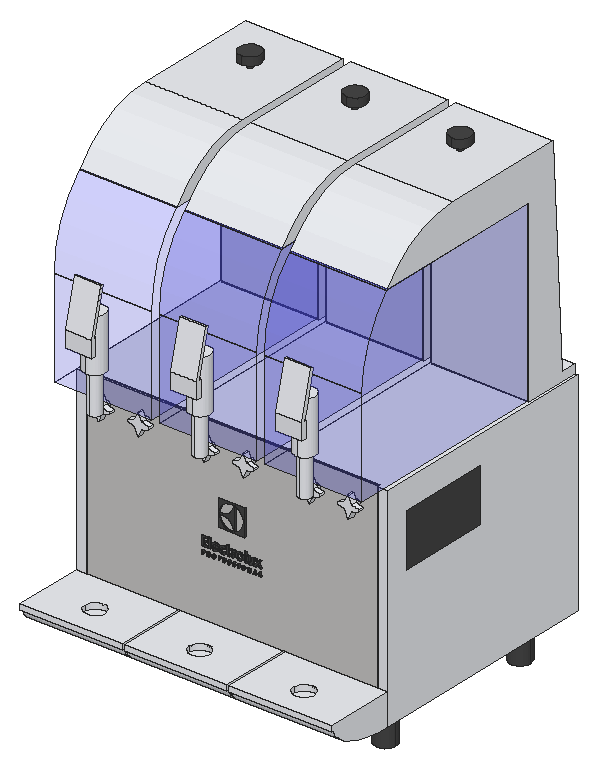
Revit family "QF_ELECTROLUXPROFESSIONAL_562513_IPRO3ELR290", category Attrezzature speciali, Revit 2020
Family settings
  Quota connettore circolare = Usa diametro
  Tipo di parte = Normale
  Basato su piano di lavoro = No
  Sempre verticale = Sì
  Taglio con vuoti quando caricato = No
  Condiviso = No
  Punto di calcolo locali = No
Parameters (values of type "Standard")
  Weight = 81.00 kg
  Watts = 1290 W
  Volts = 220 V
  URL Manufacturer = "https://www.electroluxprofessional.com/"
  URL = "https://www.electroluxprofessional.com/"
  Steam Supply Size = 0 mm
  Steam Supply Minimum Pressure = 0.0 Pa
  Steam Supply Maximum Pressure = 0.0 Pa
  Steam Consumption per Hour = 0
  Show Logo [instance] = yes
  Show Clearance [instance] = yes
  Refrigeration Suction Line Size = 0 mm
  Refrigeration Liquid Line Size = 0 mm
  Refrigerant Compressor Remote = yes
  Prospetto di default = 0 mm
  Produttore = "Electrolux Professional"
  Phase = 1
  Modello = "IPRO3ELR290"
  Length Actual = 600 mm  # constant formula
  Item Number = "562513"
  Hot Water Size = 0 mm
  Height Actual = 870 mm  # constant formula
  HP = "1.7 HP"
  Gas Size = 0 mm
  Gas KW = 0
  Gas Input Pressure = 0 W
  Direct Waste Size = 0 mm
  Descrizione = "3X11 LT BOWL - FROZEN GRANITA DISPENSER - ELECTRONIC CONTROL - 3 INSULATED BOWLS & LIGHTED PANEL - WHITE, R290"
  Depth Actual = 580 mm  # constant formula
  Cycle = 50 Hz
  Condensate Return Size = 0 mm
  Compressed Air Volume = 0.0 L/s
  Compressed Air Size = 0 mm
  Compressed Air Pressure = 0.0 Pa
  Cold Water Size = 0 mm
  Accessory = yes
Reference planes
  plane 1: z = 0
  plane 2 "LEFT": x = -300
  plane 3 "BACK": y = 282.5
  plane 4 "FRONT": y = -301.5
  plane 5: z = 873
  plane 6 "RIGHT": x = 300
  plane 7: y = -282.5
  plane 8: z = 445
  plane 9: z = 677.97
  plane 10: z = 110
  plane 11: z = 900
  plane 12: x = -0.5
  plane 13: x = -0.5
Forms (mm)
  Extrusion 1, solid, material "QF_Finishes_White"
    sketch origin (0, 0, 0) x (1, 0, 0) y (0, 1, 0)
      loop
        line (-296.5, 282.5) -> (-296.5, -167.5) -> (-276.5, -167.5) -> (-276.5, -162.5) -> (276.5, -162.5) -> (276.5, -167.5) -> (296.5, -167.5) -> (296.5, 282.5) -> (-296.5, 282.5)
    from 50 to 453
  Extrusion 2, solid, material "QF_Finishes_Stainless Steel"
    sketch origin (0, 0, 0) x (1, 0, 0) y (0, 1, 0)
      loop
        line (276, -163) -> (-276, -163) -> (-276, -167.5) -> (276, -167.5) -> (276, -163)
    from 110 to 453
  Extrusion 3, solid, material "QF_Finishes_Stainless Steel"
    sketch origin (-151.596, -267.273, 48) x (0, -1, 0) y (1, 0, 0)
      loop
        line (-163.023, 407.596) -> (-163.023, 427.596) -> (-183.023, 427.596) -> (-183.023, 407.596) -> (-163.023, 407.596)
    from 0 to 2
Dimensions and locks
  plane 3 "BACK" to plane 4 "FRONT" = 584 mm  (x2)
  plane 5 to level = 873 mm  (x2)
  plane 2 "LEFT" to plane 6 "RIGHT" = 600 mm
  plane 3 "BACK" to plane 7 = 565 mm
  plane 9 to plane 8 = 232.97 mm
  level to plane 11 = 900 mm
  plane 10 to level = 110 mm
  plane 8 to plane 10 = 335 mm
  plane 6 "RIGHT" to plane 2 "LEFT" = 600 mm
  plane 2 "LEFT" to plane 12 = 299.5 mm
  plane 2 "LEFT" to plane 13 = 299.5 mm
  nested 5 to nested 9 = 200 mm
  nested 9 to nested 17 = 200 mm
  aligned and locked: level to plane 1
Nested families
  nested 1: "BOCCHETTONE BEVERAGE" at (-200.5, -260.625, 445), type "BOCCHETTONE BEVERAGE"
  nested 2: "MANOPOLA BEVERAGE" at (-238, -167.5, 413) x (0, 0, 1) z (0, -1, 0), type "MANOPOLA BEVERAGE"
  nested 3: "MANOPOLA BEVERAGE" at (-163, -167.5, 413) x (0, 0, 1) z (0, -1, 0), type "MANOPOLA BEVERAGE"
  nested 4: "MANOPOLA APERTURA BEVERAGE " at (-200.5, 125, 873) x (0, 1, 0) z (0, 0, 1), type "MANOPOLA APERTURA BEVERAGE "
  nested 5: "PORTAGRANITE BEVERAGE" at (-200.5, 28.972, 453), type "PORTAGRANITE BEVERAGE"
  nested 6: "VASCHETTA BEVERAGE" at (-199.25, -167.5, 80) x (1, 0, 0) z (0, -1, 0), type "VASCHETTA BEVERAGE"
  nested 7: "VASCHETTA BEVERAGE" at (-0.5, -167.5, 80) x (-1, 0, 0) z (0, -1, 0), type "VASCHETTA BEVERAGE"
  nested 8: "MANOPOLA APERTURA BEVERAGE " at (-0.5, 125, 873) x (0, 1, 0) z (0, 0, 1), type "MANOPOLA APERTURA BEVERAGE "
  nested 9: "PORTAGRANITE BEVERAGE" at (-0.5, 28.972, 453) x (-1, 0, 0) z (0, 0, 1), type "PORTAGRANITE BEVERAGE"
  nested 10: "BOCCHETTONE BEVERAGE" at (-0.5, -260.625, 445), type "BOCCHETTONE BEVERAGE"
  nested 11: "MANOPOLA BEVERAGE" at (-38, -167.5, 413) x (0, 0, 1) z (0, -1, 0), type "MANOPOLA BEVERAGE"
  nested 12: "MANOPOLA BEVERAGE" at (37, -167.5, 413) x (0, 0, 1) z (0, -1, 0), type "MANOPOLA BEVERAGE"
  nested 13: "BOCCHETTONE BEVERAGE" at (199.5, -260.625, 445) x (-1, 0, 0) z (0, 0, 1), type "BOCCHETTONE BEVERAGE"
  nested 14: "MANOPOLA BEVERAGE" at (237, -167.5, 413) x (0, 0, 1) z (0, -1, 0), type "MANOPOLA BEVERAGE"
  nested 15: "MANOPOLA BEVERAGE" at (162, -167.5, 413) x (0, 0, 1) z (0, -1, 0), type "MANOPOLA BEVERAGE"
  nested 16: "MANOPOLA APERTURA BEVERAGE " at (199.5, 125, 873) x (0, 1, 0) z (0, 0, 1), type "MANOPOLA APERTURA BEVERAGE "
  nested 17: "PORTAGRANITE BEVERAGE" at (199.5, 28.972, 453) x (-1, 0, 0) z (0, 0, 1), type "PORTAGRANITE BEVERAGE"
  nested 18: "VASCHETTA BEVERAGE" at (198.25, -167.5, 80) x (-1, 0, 0) z (0, -1, 0), type "VASCHETTA BEVERAGE"
  nested 19: "ELXP_LOGO_ONLY_MEDIUM" at (-0.5, -167.5, 303) x (1, 0, 0) z (0, -1, 0), Show Logo <- "Show Logo", visible <- "Show Logo", type "ELXP_LOGO_ONLY_MEDIUM"
    with Show Logo yes
  nested 20: "ELX_LOGO_WORDS_MEDIUM" at (-0.5, -167.5, 238) x (1, 0, 0) z (0, -1, 0), visible <- "Show Logo", Show Logo <- "Show Logo", type "ELX_LOGO_WORDS_MEDIUM"
    with Show Logo yes
  nested 21: "Piedino 50x40 BEVERAGE" at (-266, 184.5, 0), type "Piedino 50x40 BEVERAGE"
    with H 150 mm
  nested 22: "Piedino 50x40 BEVERAGE" at (-266, -135.5, 0), type "Piedino 50x40 BEVERAGE"
    with H 150 mm
  nested 23: "Piedino 50x40 BEVERAGE" at (266, 184.5, 0), type "Piedino 50x40 BEVERAGE"
    with H 150 mm
  nested 24: "Piedino 50x40 BEVERAGE" at (266, -135.5, 0), type "Piedino 50x40 BEVERAGE"
    with H 150 mm
  nested 25: "SCHERMO BEVERAGE" at (296.5, -38, 350) x (0, -1, 0) z (1, 0, 0), type "SCHERMO BEVERAGE"
    with Show Logo yes
Connectors
  electrical at (266, -94.25, 48), driven by "Volts"
    settings: on Extrusion 3, index 73, voltage 220 V, apparent load 0 VA, apparent load phase1 0 VA, apparent load phase2 0 VA, apparent load phase3 0 VA, power factor 1, load classification "Altro", number of poles 1, system type 30, power factor state 1, is connector primary yes, connector utility no, sub classification motor no, connector description "Electrical Connection"
Definition of nested family "BOCCHETTONE BEVERAGE"
  Parameters (values of type "BOCCHETTONE BEVERAGE")
    Default Elevation = 1219.2 mm
  Reference planes
    plane 1 "Centro (Fronte/Retro)": y = 0
    plane 2: z = 0
    plane 3 "Centro (Sinistra/Destra)": x = 0
    plane 4: z = 233
    plane 5: y = -22
  Forms (mm)
    Extrusion 1, solid
      sketch origin (0, 0, 0) x (1, 0, 0) y (0, 1, 0)
        loop
          line (-1219.2, 1219.2) -> (-1219.2, -1219.2) -> (1219.2, -1219.2) -> (1219.2, 1219.2) -> (-1219.2, 1219.2)
      from 0 to -304.8
    Extrusion 2, solid
      sketch origin (0, 15.961, 0) x (0, -1, 0) y (1, 0, 0)
        loop
          circle (0, 0) r 12
      from 0 to 75
    Extrusion 3, solid
      sketch origin (0, 15.961, 75) x (0, -1, 0) y (1, 0, 0)
        loop
          circle (0, 0) r 20
      from 0 to 100
    Extrusion 4, void
      sketch origin (0, 0, 0) x (1, 0, 0) y (0, 1, 0)
        loop
          line (-27.179, -16.141) -> (-21.226, -10.188) -> (-6.226, -10.188) -> (-6.226, 12.684) -> (-27.179, 12.684) -> (-27.179, -16.141)
        loop
          line (27.179, -16.141) -> (27.179, 12.684) -> (6.226, 12.684) -> (6.226, -10.188) -> (21.226, -10.188) -> (27.179, -16.141)
      from 104.337 to 159.894
    Extrusion 5, solid
      sketch origin (25, 15.961, 29.221) x (0, -1, 0) y (0, 0, 1)
        loop
          line (11.922, 118.779) -> (11.922, 88.779) -> (37.961, 88.779) -> (37.961, 119.393) -> (16.929, 203.749) -> (12.077, 202.539) -> (32.961, 118.779) -> (11.922, 118.779)
      from 0 to 50
  Cuts and joins
    Extrusion 4 cuts Extrusion 5
    joined: Extrusion 3, Extrusion 5
  Dimensions and locks
    Extrusion 1 to plane 4 = 233 mm
    aligned and locked: plane 2 to Extrusion 1
    aligned and locked: level to Extrusion 1
Definition of nested family "MANOPOLA BEVERAGE"
  Parameters (values of type "MANOPOLA BEVERAGE")
    Default Elevation = 1219.2 mm
  Reference planes
    plane 1 "Centro (Fronte/Retro)": y = 0
    plane 2: z = 0
    plane 3 "Centro (Sinistra/Destra)": x = 0
    plane 4: z = 20
  Forms (mm)
    Extrusion 1, solid
      sketch origin (0, 0, 0) x (1, 0, 0) y (0, 1, 0)
        loop
          line (-1219.2, 1219.2) -> (-1219.2, -1219.2) -> (1219.2, -1219.2) -> (1219.2, 1219.2) -> (-1219.2, 1219.2)
      from 0 to -304.8
    Extrusion 2, solid
      sketch origin (0, 0, 10) x (1, 0, 0) y (0, 1, 0)
        loop
          line (-20, -1.333) -> (-6.314, -6.314) -> (-1.333, -20) -> (1.333, -20) -> (6.314, -6.314) -> (20, -1.333) -> (20, 1.333) -> (6.314, 6.314) -> (1.333, 20) -> (-1.333, 20) -> (-6.314, 6.314) -> (-20, 1.333) -> (-20, -1.333)
      from 0 to 10
    Extrusion 3, solid
      sketch origin (0, 0, 0) x (1, 0, 0) y (0, 1, 0)
        loop
          circle (0, 0) r 5
      from 0 to 10
  Dimensions and locks
    aligned and locked: plane 2 to Extrusion 1
    aligned and locked: level to Extrusion 1
Definition of nested family "MANOPOLA APERTURA BEVERAGE "
  Parameters (values of type "MANOPOLA APERTURA BEVERAGE ")
    Default Elevation = 1219.2 mm
  Reference planes
    plane 1 "Centro (Fronte/Retro)": y = 0
    plane 2: z = 0
    plane 3 "Centro (Sinistra/Destra)": x = 0
    plane 4: z = 27
  Forms (mm)
    Extrusion 1, solid
      sketch origin (0, 0, 0) x (1, 0, 0) y (0, 1, 0)
        loop
          line (-1219.2, 1219.2) -> (-1219.2, -1219.2) -> (1219.2, -1219.2) -> (1219.2, 1219.2) -> (-1219.2, 1219.2)
      from 0 to -304.8
    Extrusion 2, solid
      sketch origin (0, 0, 0) x (1, 0, 0) y (0, 1, 0)
        loop
          circle (0, 0) r 5
      from 0 to 12
    Extrusion 3, solid
      sketch origin (0, 0, 12) x (1, 0, 0) y (0, 1, 0)
        loop
          circle (0, 0) r 20
      from 0 to 15
  Dimensions and locks
    Extrusion 1 to plane 4 = 27 mm
    aligned and locked: plane 2 to Extrusion 1
    aligned and locked: level to Extrusion 1
Definition of nested family "PORTAGRANITE BEVERAGE"
  Parameters (values of type "PORTAGRANITE BEVERAGE")
    Default Elevation = 1219.2 mm
  Reference planes
    plane 1 "Centro (Fronte/Retro)": y = 0
    plane 2: z = 0
    plane 3 "Centro (Sinistra/Destra)": x = 0
    plane 4: z = 233
    plane 5: y = -36.472
    plane 6: z = 338
  Forms (mm)
    Extrusion 1, solid
      sketch origin (0, 0, 0) x (1, 0, 0) y (0, 1, 0)
        loop
          line (-1219.2, 1219.2) -> (-1219.2, -1219.2) -> (1219.2, -1219.2) -> (1219.2, 1219.2) -> (-1219.2, 1219.2)
      from 0 to -304.8
    Extrusion 2, solid
      sketch origin (-92.5, -28.972, -376) x (0, 1, 0) y (0, 0, 1)
        loop
          line (172.5, 716) -> (172.5, 376) -> (282.5, 376) -> (282.5, 393) -> (251.241, 393) -> (230.12, 796) -> (-7.5, 796)
          arc (-7.5, 796) -> (-94.678, 774.819) -> (-162.419, 716) r 190
          line (-162.419, 716) -> (172.5, 716)
      from 0 to 185
    Extrusion 3, solid
      sketch origin (-100, -28.972, -376) x (0, 1, 0) y (0, 0, 1)
        loop
          line (170.5, 378) -> (170.5, 714) -> (-164.355, 714)
          arc (-164.355, 714) -> (-209.023, 644.734) -> (-224.664, 563.812) r 217.164
          line (-224.664, 563.812) -> (-224.664, 378) -> (170.5, 378)
      from 7.5 to 192.5
  Dimensions and locks
    Extrusion 1 to plane 4 = 233 mm
    aligned and locked: plane 2 to Extrusion 1
    aligned and locked: level to Extrusion 1
Definition of nested family "VASCHETTA BEVERAGE"
  Parameters (values of type "VASCHETTA BEVERAGE")
    Default Elevation = 1219.2 mm
  Reference planes
    plane 1 "Centro (Fronte/Retro)": y = 0
    plane 2: z = 0
    plane 3 "Centro (Sinistra/Destra)": x = 0
  Forms (mm)
    Extrusion 1, solid
      sketch origin (0, 0, 0) x (1, 0, 0) y (0, 1, 0)
        loop
          line (-1219.2, 1219.2) -> (-1219.2, -1219.2) -> (1219.2, -1219.2) -> (1219.2, 1219.2) -> (-1219.2, 1219.2)
      from 0 to -304.8
    Extrusion 2, solid
      sketch origin (-97.5, -80, -167.5) x (0, 0, -1) y (0, 1, 0)
        loop
          line (-167.5, 110) -> (-301.5, 110) -> (-301.5, 100) -> (-296.403, 100)
          spline (-296.403, 100) -> (-294.717, 93.399) -> (-290.961, 86.937) -> (-285.195, 80.722) -> (-277.513, 74.853) -> (-268.041, 69.426) -> (-256.932, 64.529) -> (-244.367, 60.243) -> (-230.551, 56.637) -> (-215.709, 53.769) -> (-200.082, 51.686) -> (-183.925, 50.423) -> (-167.5, 50)
          line (-167.5, 50) -> (-167.5, 110)
      from 0 to 195
    Extrusion 3, void
      sketch origin (202.5, -80, -167.5) x (1, 0, 0) y (0, 0, -1)
        loop
          circle (-202.5, -244.664) r 20
      from 100 to 110
  Cuts and joins
    Extrusion 3 cuts Extrusion 2
  Dimensions and locks
    aligned and locked: plane 2 to Extrusion 1
    aligned and locked: level to Extrusion 1
Definition of nested family "ELXP_LOGO_ONLY_MEDIUM"
  Parameters (values of type "ELXP_LOGO_ONLY_MEDIUM")
    Show Logo [instance] = yes
    Default Elevation = 0 mm
  Reference planes
    plane 1 "Centro (Fronte/Retro)": y = 0
    plane 2: z = 0
    plane 3 "Centro (Sinistra/Destra)": x = 0
  Forms (mm)
    Extrusion 1, solid
      sketch origin (0, 0, 0) x (1, 0, 0) y (0, 1, 0)
        loop
          line (-1219.2, 1219.2) -> (-1219.2, -1219.2) -> (1219.2, -1219.2) -> (1219.2, 1219.2) -> (-1219.2, 1219.2)
      from 0 to -304.8
    Extrusion 2, solid, visible <- "Show Logo"
      sketch origin (15.862, -72.798, 0) x (1, 0, 0) y (0, 1, 0)
        loop
          line (-40.901, 47.952) -> (9.138, 47.952) -> (9.138, 97.923) -> (-40.901, 97.923) -> (-40.901, 47.952)
        loop
          line (-9.2, 95.47) -> (-9.2, 50.507)
          arc (-9.2, 50.507) -> (7.421, 72.988) -> (-9.2, 95.47) r 23.515
        loop
          line (-11.486, 92.214) -> (-11.486, 95.47)
          arc (-11.486, 95.47) -> (-30.185, 91.22) -> (-39.194, 74.292) r 23.044
          line (-39.194, 74.292) -> (-31.756, 74.292)
          arc (-31.756, 74.292) -> (-18.467, 79.686) -> (-11.486, 92.214) r 21.599
        loop
          arc (-39.194, 71.685) -> (-30.2, 54.618) -> (-11.486, 49.93) r 23.647
          line (-11.486, 49.93) -> (-11.486, 53.763)
          arc (-11.486, 53.763) -> (-18.467, 66.291) -> (-31.756, 71.685) r 21.599
          line (-31.756, 71.685) -> (-39.194, 71.685)
      from 0 to 1.644
  Dimensions and locks
    aligned and locked: plane 2 to Extrusion 1
    aligned and locked: level to Extrusion 1
Definition of nested family "ELX_LOGO_WORDS_MEDIUM"
  Parameters (values of type "ELX_LOGO_WORDS_MEDIUM")
    Show Logo [instance] = yes
    Default Elevation = 0 mm
  Reference planes
    plane 1 "Centro (Fronte/Retro)": y = 0
    plane 2: z = 0
    plane 3 "Centro (Sinistra/Destra)": x = 0
  Forms (mm)
    Extrusion 1, solid
      sketch origin (0, 0, 0) x (1, 0, 0) y (0, 1, 0)
        loop
          line (-1219.2, 1219.2) -> (-1219.2, -1219.2) -> (1219.2, -1219.2) -> (1219.2, 1219.2) -> (-1219.2, 1219.2)
      from 0 to -304.8
    Extrusion 2, solid, visible <- "Show Logo"
      sketch origin (0, 0, 0) x (1, 0, 0) y (0, 1, 0)
        loop
          line (-45.351, 15.842) -> (-56.505, 15.842) -> (-56.505, 2.853)
          arc (-56.505, 2.853) -> (-55.037, -0.691) -> (-51.493, -2.159) r 5.012
          line (-51.493, -2.159) -> (-45.135, -2.159) -> (-45.135, 0.755) -> (-50.767, 0.755)
          arc (-50.767, 0.755) -> (-52.618, 1.38) -> (-53.406, 3.168) r 2.423
          line (-53.406, 3.168) -> (-53.406, 5.743) -> (-45.833, 5.743) -> (-45.833, 8.668) -> (-53.406, 8.668) -> (-53.406, 12.925) -> (-45.351, 12.925) -> (-45.351, 15.842)
        loop
          line (-42.933, 15.842) -> (-42.933, -2.159) -> (-39.832, -2.159) -> (-39.832, 15.842) -> (-42.933, 15.842)
        loop
          line (24.405, 15.842) -> (24.405, -2.159) -> (27.508, -2.159) -> (27.508, 15.842) -> (24.405, 15.842)
        loop
          line (-34.705, 3.589) -> (-24.531, 3.589)
          arc (-24.531, 3.589) -> (-26.123, 9.178) -> (-31.565, 11.217) r 6.447
          arc (-31.565, 11.217) -> (-36.358, 8.786) -> (-37.726, 3.589) r 6.56
          arc (-37.726, 3.589) -> (-35.926, -0.757) -> (-31.58, -2.557) r 6.146
          arc (-31.58, -2.557) -> (-28.198, -2.058) -> (-25.362, -0.149) r 7.726
          line (-25.362, -0.149) -> (-27.199, 1.688)
          arc (-27.199, 1.688) -> (-29.61, 0.242) -> (-32.411, 0.485) r 4.558
          arc (-32.411, 0.485) -> (-34.119, 1.622) -> (-34.705, 3.589) r 3.019
        loop
          line (-34.628, 5.769) -> (-27.646, 5.769)
          arc (-27.646, 5.769) -> (-28.626, 7.83) -> (-30.779, 8.59) r 2.974
          arc (-30.779, 8.59) -> (-33.263, 7.943) -> (-34.628, 5.769) r 3.481
        loop
          line (-12.445, 7.067) -> (-10.499, 9.013)
          arc (-10.499, 9.013) -> (-12.94, 10.78) -> (-15.907, 11.309) r 6.746
          arc (-15.907, 11.309) -> (-20.432, 9.655) -> (-22.806, 5.463) r 6.977
          arc (-22.806, 5.463) -> (-18.803, -1.885) -> (-10.608, -0.191) r 7.026
          line (-10.608, -0.191) -> (-12.544, 1.745)
          arc (-12.544, 1.745) -> (-16.723, 0.362) -> (-19.717, 3.589) r 4.071
          arc (-19.717, 3.589) -> (-19.509, 6.14) -> (-17.752, 8.002) r 3.867
          arc (-17.752, 8.002) -> (-14.941, 8.431) -> (-12.445, 7.067) r 4.442
        loop
          line (-8.594, 15.842) -> (-8.594, 3.541)
          arc (-8.594, 3.541) -> (-8.326, 1.695) -> (-7.635, -0.038) r 7.951
          arc (-7.635, -0.038) -> (-5.422, -1.797) -> (-2.62, -2.167) r 5.297
          line (-2.62, -2.167) -> (-2.62, 0.738)
          arc (-2.62, 0.738) -> (-3.453, 0.802) -> (-4.23, 1.109) r 2.792
          arc (-4.23, 1.109) -> (-5.227, 2.163) -> (-5.494, 3.589) r 2.57
          line (-5.494, 3.589) -> (-5.494, 8.043) -> (-2.678, 8.043) -> (-2.678, 10.86) -> (-5.494, 10.86) -> (-5.494, 15.842) -> (-8.594, 15.842)
        loop
          arc (3.006, 4.684) -> (3.228, 5.982) -> (3.868, 7.133) r 3.911
          arc (3.868, 7.133) -> (5.725, 8.086) -> (7.812, 8.043) r 4.26
          line (7.812, 8.043) -> (7.812, 11.023)
          arc (7.812, 11.023) -> (5.085, 10.766) -> (3.006, 8.983) r 4.524
          line (3.006, 8.983) -> (3.006, 10.86) -> (-0.069, 10.86) -> (-0.069, -2.159) -> (3.006, -2.159) -> (3.006, 4.684)
        loop
          circle (15.393, 4.348) r 6.899
        loop
          circle (15.393, 4.348) r 4.181
        loop
          arc (38.69, 3.262) -> (37.924, 1.158) -> (35.848, 0.319) r 2.752
          arc (35.848, 0.319) -> (33.771, 1.158) -> (33.005, 3.262) r 2.752
          line (33.005, 3.262) -> (33.005, 10.859) -> (29.879, 10.859) -> (29.879, 3.004)
          arc (29.879, 3.004) -> (31.658, -1.052) -> (35.848, -2.489) r 5.512
          arc (35.848, -2.489) -> (40.084, -1.008) -> (41.815, 3.132) r 5.512
          line (41.815, 3.132) -> (41.815, 10.859) -> (38.69, 10.859) -> (38.69, 3.262)
        loop
          line (43.689, 10.859) -> (48.192, 4.746) -> (43.245, -2.164) -> (46.578, -2.164) -> (49.861, 2.422) -> (53.193, -2.164) -> (56.505, -2.164) -> (51.629, 4.817) -> (56.087, 10.859) -> (52.703, 10.859) -> (49.851, 6.995) -> (47.043, 10.859) -> (43.689, 10.859)
        loop
          line (-53.813, -9.621) -> (-56.285, -9.621) -> (-56.285, -15.847) -> (-54.932, -15.847) -> (-54.932, -13.703) -> (-53.437, -13.703)
          arc (-53.437, -13.703) -> (-51.764, -11.49) -> (-53.813, -9.621) r 2.058
        loop
          arc (-53.496, -12.48) -> (-52.984, -11.679) -> (-53.496, -10.879) r 0.881
          line (-53.496, -10.879) -> (-54.932, -10.879) -> (-54.932, -12.48) -> (-53.496, -12.48)
        loop
          line (-44.045, -9.621) -> (-46.56, -9.621) -> (-46.56, -15.847) -> (-45.207, -15.847) -> (-45.207, -13.703) -> (-43.898, -13.703) -> (-43.003, -15.847) -> (-41.55, -15.847) -> (-42.774, -13.222)
          arc (-42.774, -13.222) -> (-42.188, -12.521) -> (-41.991, -11.628) r 1.922
          arc (-41.991, -11.628) -> (-42.609, -10.206) -> (-44.045, -9.621) r 2.055
        loop
          line (-45.207, -10.879) -> (-45.207, -12.48) -> (-43.771, -12.48)
          arc (-43.771, -12.48) -> (-43.258, -11.679) -> (-43.771, -10.879) r 0.881
          line (-43.771, -10.879) -> (-45.207, -10.879)
        loop
          circle (-33.602, -12.734) r 3.233
        loop
          circle (-33.602, -12.734) r 2.052
        loop
          line (-25.054, -9.622) -> (-25.054, -15.847) -> (-23.734, -15.847) -> (-23.734, -13.671) -> (-21.392, -13.671) -> (-21.392, -12.276) -> (-23.734, -12.276) -> (-23.734, -10.963) -> (-21.167, -10.963) -> (-21.167, -9.622) -> (-25.054, -9.622)
        loop
          line (-15.917, -9.622) -> (-15.917, -13.825)
          arc (-15.917, -13.825) -> (-15.343, -15.249) -> (-13.926, -15.842) r 1.991
          line (-13.926, -15.842) -> (-11.917, -15.842) -> (-11.917, -14.666) -> (-13.806, -14.666)
          arc (-13.806, -14.666) -> (-14.501, -14.091) -> (-14.638, -13.198) r 1.267
          line (-14.638, -13.198) -> (-12.15, -13.198) -> (-12.15, -12.023) -> (-14.638, -12.023) -> (-14.638, -10.797) -> (-11.977, -10.797) -> (-11.977, -9.622) -> (-15.917, -9.622)
        loop
          arc (6.626, -10.41) -> (5.801, -9.733) -> (4.757, -9.518) r 2.228
          arc (4.757, -9.518) -> (3.792, -9.755) -> (2.999, -10.352) r 2.468
          arc (2.999, -10.352) -> (2.853, -11.766) -> (3.765, -12.856) r 1.825
          arc (3.765, -12.856) -> (4.531, -13.112) -> (5.259, -13.464) r 6.301
          arc (5.259, -13.464) -> (5.719, -14.005) -> (5.402, -14.641) r 0.645
          arc (5.402, -14.641) -> (4.814, -14.78) -> (4.228, -14.631) r 1.269
          arc (4.228, -14.631) -> (3.722, -14.266) -> (3.412, -13.725) r 1.474
          line (3.412, -13.725) -> (2.324, -14.233)
          arc (2.324, -14.233) -> (2.716, -14.99) -> (3.348, -15.561) r 2.393
          arc (3.348, -15.561) -> (4.065, -15.867) -> (4.841, -15.945) r 2.579
          arc (4.841, -15.945) -> (5.8, -15.754) -> (6.664, -15.295) r 3.369
          arc (6.664, -15.295) -> (7.045, -14.28) -> (6.848, -13.214) r 2.023
          arc (6.848, -13.214) -> (6.423, -12.723) -> (5.879, -12.368) r 2.346
          arc (5.879, -12.368) -> (5.19, -12.061) -> (4.485, -11.796) r 12.353
          arc (4.485, -11.796) -> (4.077, -11.162) -> (4.666, -10.692) r 0.562
          arc (4.666, -10.692) -> (5.372, -10.862) -> (5.915, -11.344) r 1.497
          line (5.915, -11.344) -> (6.626, -10.41)
        loop
          line (12.337, -9.622) -> (12.337, -15.842) -> (13.616, -15.842) -> (13.616, -9.622) -> (12.337, -9.622)
        loop
          circle (22.24, -12.732) r 1.935
        loop
          circle (22.24, -12.732) r 3.231
        loop
          line (30.821, -15.842) -> (32.114, -15.842) -> (32.114, -11.931) -> (34.96, -15.842) -> (36.203, -15.842) -> (36.203, -9.622) -> (34.911, -9.622) -> (34.911, -13.651) -> (32.065, -9.622) -> (30.821, -9.622) -> (30.821, -15.842)
        loop
          line (42.652, -15.842) -> (43.258, -14.5) -> (45.559, -14.5) -> (46.165, -15.842) -> (47.54, -15.842) -> (44.912, -9.622) -> (43.712, -9.622) -> (41.279, -15.842) -> (42.652, -15.842)
        loop
          line (44.985, -13.224) -> (44.369, -11.857) -> (43.77, -13.224) -> (44.985, -13.224)
        loop
          line (53.893, -14.666) -> (53.893, -9.622) -> (52.614, -9.622) -> (52.614, -15.842) -> (56.285, -15.842) -> (56.285, -14.666) -> (53.893, -14.666)
        loop
          arc (-2.701, -10.41) -> (-3.525, -9.733) -> (-4.57, -9.518) r 2.228
          arc (-4.57, -9.518) -> (-5.534, -9.755) -> (-6.327, -10.352) r 2.468
          arc (-6.327, -10.352) -> (-6.473, -11.766) -> (-5.562, -12.856) r 1.825
          arc (-5.562, -12.856) -> (-4.795, -13.112) -> (-4.067, -13.464) r 6.301
          arc (-4.067, -13.464) -> (-3.608, -14.005) -> (-3.924, -14.641) r 0.645
          arc (-3.924, -14.641) -> (-4.512, -14.78) -> (-5.098, -14.631) r 1.269
          arc (-5.098, -14.631) -> (-5.604, -14.266) -> (-5.914, -13.725) r 1.474
          line (-5.914, -13.725) -> (-7.002, -14.233)
          arc (-7.002, -14.233) -> (-6.61, -14.99) -> (-5.978, -15.561) r 2.393
          arc (-5.978, -15.561) -> (-5.261, -15.867) -> (-4.485, -15.945) r 2.579
          arc (-4.485, -15.945) -> (-3.526, -15.754) -> (-2.663, -15.295) r 3.369
          arc (-2.663, -15.295) -> (-2.281, -14.28) -> (-2.478, -13.214) r 2.023
          arc (-2.478, -13.214) -> (-2.903, -12.723) -> (-3.448, -12.368) r 2.346
          arc (-3.448, -12.368) -> (-4.136, -12.061) -> (-4.842, -11.796) r 12.353
          arc (-4.842, -11.796) -> (-5.249, -11.162) -> (-4.66, -10.692) r 0.562
          arc (-4.66, -10.692) -> (-3.954, -10.862) -> (-3.412, -11.344) r 1.497
          line (-3.412, -11.344) -> (-2.701, -10.41)
      from 0 to 1.644
  Dimensions and locks
    aligned and locked: plane 2 to Extrusion 1
    aligned and locked: level to Extrusion 1
Definition of nested family "Piedino 50x40 BEVERAGE"
  Parameters (values of type "Piedino 50x40 BEVERAGE")
    Default Elevation = 0 mm
    H [instance] = 150 mm
  Reference planes
    plane 1 "Centro (Fronte/Retro)": y = 0
    plane 2: z = 0
    plane 3 "Centro (Sinistra/Destra)": x = 0
  Forms (mm)
    Revolve 1, solid
      sketch origin (55, 0, 0) x (-1, 0, 0) y (0, 0, -1)
        loop
          line (55, 0) -> (35, 0) -> (35, -50) -> (55, -50) -> (55, 0)
        axis (55, 0) -> (55, -50)
      angle from 0 to 360
  Dimensions and locks
    aligned and locked: level to plane 2
Definition of nested family "SCHERMO BEVERAGE"
  Parameters (values of type "SCHERMO BEVERAGE")
    Show Logo [instance] = yes
    Default Elevation = 1219.2 mm
  Reference planes
    plane 1 "Centro (Fronte/Retro)": y = 0
    plane 2: z = 0
    plane 3 "Centro (Sinistra/Destra)": x = 0
  Forms (mm)
    Extrusion 1, solid
      sketch origin (0, 0, 0) x (1, 0, 0) y (0, 1, 0)
        loop
          line (-1219.2, 1219.2) -> (-1219.2, -1219.2) -> (1219.2, -1219.2) -> (1219.2, 1219.2) -> (-1219.2, 1219.2)
      from 0 to -304.8
    Extrusion 2, solid
      sketch origin (118.389, -572.596, 0) x (-1, 0, 0) y (0, -1, 0)
        loop
          line (205.889, -622.596) -> (205.889, -522.596) -> (30.889, -522.596) -> (30.889, -622.596) -> (205.889, -622.596)
      from 0 to 1
  Dimensions and locks
    aligned and locked: plane 2 to Extrusion 1
    aligned and locked: level to Extrusion 1
